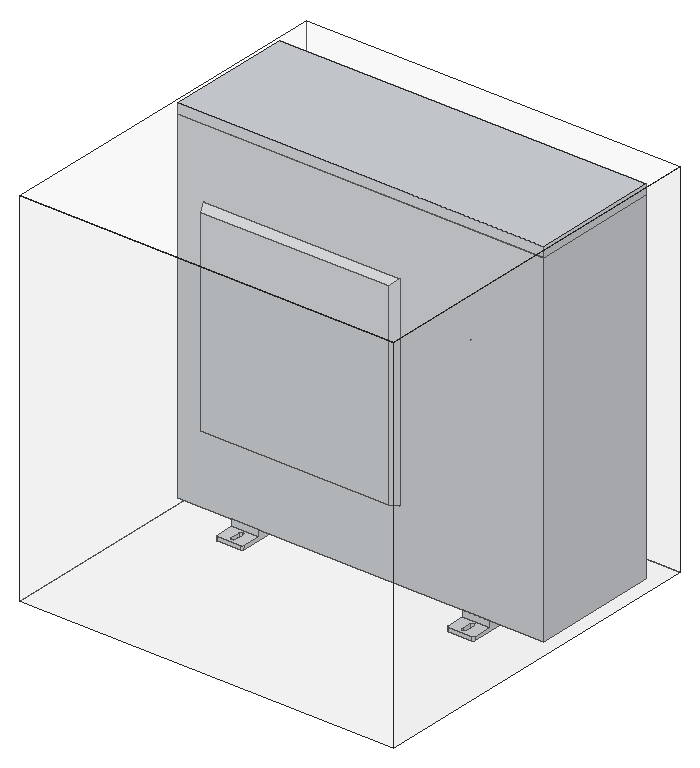
Revit family "puz-zrmp80hka15_280ka5_50hz", category 機械設備, Revit 2019
Family settings
  丸型コネクタ寸法 = 直径を使用
  パーツ タイプ = 標準
  OmniClass 番号 = 23.75.10.24.21.27.27
  OmniClass タイトル = Split System Air Conditioning Units
  作業面ベース = いいえ
  常に垂直 = はい
  ロード時にボイドで切り取り = いいえ
  共有 = いいえ
  部屋計算ポイント = いいえ
Parameters (values of type "室外機_PUZ-ZRMP80HA15")
  音響パワーレベル_冷房 (dB) = 66
  音響パワーレベル_暖房 (dB) = 68
  音響パワーレベル(dB) = if([音響パワーレベル_冷房 (dB)] > [音響パワーレベル_暖房 (dB)], [音響パワーレベル_冷房 (dB)], [音響パワーレベル_暖房 (dB)])  # 68
  電源種別 = ""
  電源位置Y = 2 mm
  電源位置Z = 669 mm
  電源位置X = 275 mm
  電圧 = 200 V
  電動機出力_送風機 = 0.06 kW
  電動機出力_圧縮機 = 1.6 kW
  集中コントローラ [instance] = ""
  運転質量 = 0.00 kg
  運転方法 = "冷暖切替"
  質量 = if(製品質量 > 運転質量, 製品質量, 運転質量) * 1.2  # 79.20 kg
  負荷分類 = 1_熱源類
  説明 = "空冷H/P PAC インバータ室外機"
  設計暖房能力 [instance] = 0 kW
  設計冷房能力_顕熱 [instance] = 0 kW
  設計冷房能力 [instance] = 0 kW
  設置方法 = "床置形"
  記号 [instance] = ""
  製造元 = "三菱電機株式会社"
  製品質量 = 66.00 kg
  製品出荷対象 = "国内"
  製品リリース年月 = ""
  製品グループ = ""
  系統 [instance] = ""
  符号 = "PAC"
  積算_科目 = "1 空気調和設備"
  積算_拾い区分 [instance] = ""
  相 = 3
  盤記号 [instance] = ""
  発停方法 = "付属スイッチ"
  特殊仕様 [instance] = ""
  消費電力_暖房 = 2.22 kW
  消費電力_冷房 = 1.93 kW
  消費電力 = if(消費電力_冷房 > 消費電力_暖房, 消費電力_冷房, 消費電力_暖房)  # 2.22 kW
  法定耐用年数 = "6"
  構成品番 = "PUZ-ZRMP80HA15"
  極数 = 3
  材質 [instance] = ""
  本体マテリアル = none
  最小電線太さ_mm2 = 3.5
  最大電流値 = 0 A
  暖房能力 = 8 kW
  推奨ブレーカー容量 = 20 A
  据付ピッチ1 = 0 mm
  形式 = "パッケージ形 室外機"
  形名 = PUZ-EZRMP-2 : PUZ-EZRMP-2-2
  幹線記号 [instance] = ""
  始動方式 = "インバータ始動方式"
  呼称 = "パッケージ形空気調和機_室外機"
  周波数 = 50 Hz
  価格 = 0
  ドレン　位置Z = 23 mm
  ドレン　位置Y = 111 mm
  ドレン　位置X = 30 mm
  アンカーボルト位置Y = 370 mm
  アンカーボルト位置X = 600 mm
  参照している仕様書等のバージョン = "公共建築物標準仕様書（機械設備工事編）平成31年度版"
  分類コード = "5.0053E+13"
  分類グループ = ""
  冷房能力 = 7.1 kW
  冷媒管（ガス）位置X = 434 mm
  冷媒管（液）位置X = 377 mm
  冷媒管（液）位置Y = 290 mm
  冷媒管（ガス）位置Y = 269 mm
  冷媒管長 [instance] = 0 mm
  冷媒管径符号 = "Bd"
  冷媒管径 = 100.00 mm
  冷媒管位置Z = 447 mm
  冷媒管位置Y = (冷媒管（液）位置Y + 冷媒管（ガス）位置Y) / 2  # 279.5 mm
  冷媒管位置X = (冷媒管（液）位置X + 冷媒管（ガス）位置X) / 2  # 405.5 mm
  冷媒液管径 = 9.52 mm
  冷媒ガス管径 = 15.88 mm
  企業コード = "108420"
  付属品 [instance] = ""
  仕様書バージョン = "Version1.0"
  ユニット数 = 1
  ユニット3 = yes
  ユニット2 = yes
  Model = ""
  ドレン管径 = 33.00 mm
  サービススペース = yes
  コメント [instance] = ""
  ケーブル種類1 = ""
  【値が 0 の項目は組合せ形名にてご確認ください】 = ""
  Width = 950 mm
  Version = ""
  Uniclass2015Version = "Systems v1.9"
  Uniclass2015Title = "Split coil remote air cooled condensing units"
  Uniclass2015Code = "Pr_70_65_03_84"
  URL = "https://www.mitsubishielectric.co.jp/ldg/wink/ssl/top.do"
  SpecificationReference = ""
  SpecificationDescription = ""
  Revision = ""
  ProductInformation = ""
  OmniClassCode = "23-33 17 13 11"
  IfcTypeProduct = ""
  IfcProduct = ""
  IfcExportType = "AIRCONDITIONINGUNIT"
  IfcExportAs = "IfcUnitaryEquipmentType"
  Height = 943 mm
  Depth = 330 mm
  Clearance Top = 0 mm
  Clearance Right = 10 mm
  Clearance Left = 10 mm
  Clearance Front = 500 mm
  Clearance Bottom = 0 mm
  Clearance Back = 100 mm
  COP_暖房 = 0
  COP_冷房 = 0
  COP = (COP_冷房 + COP_暖房) / 2  # 0
  Author = "三菱電機株式会社"
  APF = 0
Reference planes
  plane 1 "中心(正面/背面)": y = 74
  plane 2: z = 0
  plane 3 "中心(左/右)": x = 830
  plane 4 "右": x = 1305
  plane 5 "左": x = 355
  plane 6 "背面": y = 239
  plane 7 "正面": y = -91
  plane 8 "上部": z = 943
  plane 9 "Clearanse Top": z = 943
  plane 10 "SS_back": y = 339
  plane 11 "SS_front": y = -591
  plane 12 "SS_left": x = 345
  plane 13 "SS_right": x = 1315
  plane 14: z = 0
  plane 15: y = -89
  plane 16: x = 1105
  plane 17: z = 669
  plane 18: y = -87
  plane 19: y = -40.5
  plane 20: x = 1235.5
  plane 21: z = 447
  plane 22: z = 449
  plane 23: y = 128
  plane 24: x = 385
  plane 25: z = 25
  plane 26: z = 23
  plane 27: x = 530
  plane 28: x = 1130
  plane 29: y = 254
  plane 30: y = -116
Forms (mm)
  Extrusion 1, solid, detail levels fine
    sketch origin (0, -91, 0) x (1, 0, 0) y (0, 0, 1)
      loop
        circle (1105, 669) r 13.5
    from -4 to -2
  Extrusion 2, solid, detail levels fine
    sketch origin (-1437.329, -1524, 54) x (-1, 0, 0) y (0, -1, 0)
      loop
        circle (-2672.829, -1483.5) r 50
    from 393 to 395
  Extrusion 3, solid, detail levels fine
    sketch origin (-1437.329, -1524, 54) x (-1, 0, 0) y (0, -1, 0)
      loop
        circle (-1822.329, -1652) r 16.5
    from -31 to -29
Lines and regions (mm)
  model lines, not visible
    curve 1: line (460, 178.667, 1289.179) -> (460, 297.73, 1289.179)
    curve 2: line (460, 178.667, 1056.056) -> (460, 178.667, 1289.179)
    curve 3: line (460, 297.73, 1056.056) -> (460, 178.667, 1056.056)
    curve 4: line (460, 297.73, 1289.179) -> (460, 297.73, 1056.056)
    curve 5: line (460, 47.598, 1289.179) -> (460, 166.661, 1289.179)
    curve 6: line (460, 47.598, 1056.056) -> (460, 47.598, 1289.179)
    curve 7: line (460, 166.661, 1056.056) -> (460, 47.598, 1056.056)
    curve 8: line (460, 166.661, 1289.179) -> (460, 166.661, 1056.056)
    curve 9: line (460, -83.471, 1289.179) -> (460, 35.592, 1289.179)
    curve 10: line (460, -83.471, 1056.056) -> (460, -83.471, 1289.179)
    curve 11: line (460, 35.592, 1056.056) -> (460, -83.471, 1056.056)
    curve 12: line (460, 35.592, 1289.179) -> (460, 35.592, 1056.056)
    curve 13: line (460, -150.779, 1289.179) -> (460, -95.75, 1289.179)
    curve 14: line (460, -150.779, 1056.056) -> (460, -150.779, 1289.179)
    curve 15: line (460, -95.75, 1056.056) -> (460, -150.779, 1056.056)
    curve 16: line (460, -95.75, 1289.179) -> (460, -95.75, 1056.056)
    curve 17: line (460, -150.779, 1283.175) -> (460, -132.596, 1283.175)
    curve 18: line (460, -150.779, 1062.059) -> (460, -150.779, 1283.175)
    curve 19: line (460, -132.596, 1062.059) -> (460, -150.779, 1062.059)
    curve 20: line (460, -132.596, 1283.175) -> (460, -132.596, 1062.059)
    curve 21: line (460, 178.667, 1046.051) -> (460, 297.73, 1046.051)
    curve 22: line (460, 178.667, 812.928) -> (460, 178.667, 1046.051)
    curve 23: line (460, 297.73, 812.928) -> (460, 178.667, 812.928)
    curve 24: line (460, 297.73, 1046.051) -> (460, 297.73, 812.928)
    curve 25: line (460, 47.598, 1046.051) -> (460, 166.661, 1046.051)
    curve 26: line (460, 47.598, 812.928) -> (460, 47.598, 1046.051)
    curve 27: line (460, 166.661, 812.928) -> (460, 47.598, 812.928)
    curve 28: line (460, 166.661, 1046.051) -> (460, 166.661, 812.928)
    curve 29: line (460, -83.471, 1046.051) -> (460, 35.592, 1046.051)
    curve 30: line (460, -83.471, 812.928) -> (460, -83.471, 1046.051)
    curve 31: line (460, 35.592, 812.928) -> (460, -83.471, 812.928)
    curve 32: line (460, 35.592, 1046.051) -> (460, 35.592, 812.928)
    curve 33: line (460, -150.779, 1046.051) -> (460, -95.75, 1046.051)
    curve 34: line (460, -150.779, 812.928) -> (460, -150.779, 1046.051)
    curve 35: line (460, -95.75, 812.928) -> (460, -150.779, 812.928)
    curve 36: line (460, -95.75, 1046.051) -> (460, -95.75, 812.928)
    curve 37: line (460, -150.779, 1040.048) -> (460, -132.596, 1040.048)
    curve 38: line (460, -150.779, 818.931) -> (460, -150.779, 1040.048)
    curve 39: line (460, -132.596, 818.931) -> (460, -150.779, 818.931)
    curve 40: line (460, -132.596, 1040.048) -> (460, -132.596, 818.931)
    curve 41: line (460, 178.667, 802.923) -> (460, 297.73, 802.923)
    curve 42: line (460, 178.667, 569.8) -> (460, 178.667, 802.923)
    curve 43: line (460, 297.73, 569.8) -> (460, 178.667, 569.8)
    curve 44: line (460, 297.73, 802.923) -> (460, 297.73, 569.8)
    curve 45: line (460, 47.598, 802.923) -> (460, 166.661, 802.923)
    curve 46: line (460, 47.598, 569.8) -> (460, 47.598, 802.923)
    curve 47: line (460, 166.661, 569.8) -> (460, 47.598, 569.8)
    curve 48: line (460, 166.661, 802.923) -> (460, 166.661, 569.8)
    curve 49: line (460, -83.471, 802.923) -> (460, 35.592, 802.923)
    curve 50: line (460, -83.471, 569.8) -> (460, -83.471, 802.923)
    curve 51: line (460, 35.592, 569.8) -> (460, -83.471, 569.8)
    curve 52: line (460, 35.592, 802.923) -> (460, 35.592, 569.8)
    curve 53: line (460, -150.779, 802.923) -> (460, -95.75, 802.923)
    curve 54: line (460, -150.779, 569.8) -> (460, -150.779, 802.923)
    curve 55: line (460, -95.75, 569.8) -> (460, -150.779, 569.8)
    curve 56: line (460, -95.75, 802.923) -> (460, -95.75, 569.8)
    curve 57: line (460, -150.779, 796.92) -> (460, -132.596, 796.92)
    curve 58: line (460, -150.779, 575.803) -> (460, -150.779, 796.92)
    curve 59: line (460, -132.596, 575.803) -> (460, -150.779, 575.803)
    curve 60: line (460, -132.596, 796.92) -> (460, -132.596, 575.803)
    curve 61: line (460, 178.667, 559.795) -> (460, 297.73, 559.795)
    curve 62: line (460, 178.667, 326.672) -> (460, 178.667, 559.795)
    curve 63: line (460, 297.73, 326.672) -> (460, 178.667, 326.672)
    curve 64: line (460, 297.73, 559.795) -> (460, 297.73, 326.672)
    curve 65: line (460, 47.598, 559.795) -> (460, 166.661, 559.795)
    curve 66: line (460, 47.598, 326.672) -> (460, 47.598, 559.795)
    curve 67: line (460, 166.661, 326.672) -> (460, 47.598, 326.672)
    curve 68: line (460, 166.661, 559.795) -> (460, 166.661, 326.672)
    curve 69: line (460, -83.471, 559.795) -> (460, 35.592, 559.795)
    curve 70: line (460, -83.471, 326.672) -> (460, -83.471, 559.795)
    curve 71: line (460, 35.592, 326.672) -> (460, -83.471, 326.672)
    curve 72: line (460, 35.592, 559.795) -> (460, 35.592, 326.672)
    curve 73: line (460, -150.779, 559.795) -> (460, -95.75, 559.795)
    curve 74: line (460, -150.779, 326.672) -> (460, -150.779, 559.795)
    curve 75: line (460, -95.75, 326.672) -> (460, -150.779, 326.672)
    curve 76: line (460, -95.75, 559.795) -> (460, -95.75, 326.672)
    curve 77: line (460, -150.779, 553.792) -> (460, -132.596, 553.792)
    curve 78: line (460, -150.779, 332.675) -> (460, -150.779, 553.792)
    curve 79: line (460, -132.596, 332.675) -> (460, -150.779, 332.675)
    curve 80: line (460, -132.596, 553.792) -> (460, -132.596, 332.675)
    curve 81: line (460, 178.667, 316.667) -> (460, 297.73, 316.667)
    curve 82: line (460, 178.667, 83.544) -> (460, 178.667, 316.667)
    curve 83: line (460, 297.73, 83.544) -> (460, 178.667, 83.544)
    curve 84: line (460, 297.73, 316.667) -> (460, 297.73, 83.544)
    curve 85: line (460, 47.598, 316.667) -> (460, 166.661, 316.667)
    curve 86: line (460, 47.598, 83.544) -> (460, 47.598, 316.667)
    curve 87: line (460, 166.661, 83.544) -> (460, 47.598, 83.544)
    curve 88: line (460, 166.661, 316.667) -> (460, 166.661, 83.544)
    curve 89: line (460, -83.471, 316.667) -> (460, 35.592, 316.667)
    curve 90: line (460, -83.471, 83.544) -> (460, -83.471, 316.667)
    curve 91: line (460, 35.592, 83.544) -> (460, -83.471, 83.544)
    curve 92: line (460, 35.592, 316.667) -> (460, 35.592, 83.544)
    curve 93: line (460, -150.779, 316.667) -> (460, -95.75, 316.667)
    curve 94: line (460, -150.779, 83.544) -> (460, -150.779, 316.667)
    curve 95: line (460, -95.75, 83.544) -> (460, -150.779, 83.544)
    curve 96: line (460, -95.75, 316.667) -> (460, -95.75, 83.544)
    curve 97: line (460, -150.779, 310.664) -> (460, -132.596, 310.664)
    curve 98: line (460, -150.779, 89.547) -> (460, -150.779, 310.664)
    curve 99: line (460, -132.596, 89.547) -> (460, -150.779, 89.547)
    curve 100: line (460, -132.596, 310.664) -> (460, -132.596, 89.547)
Dimensions and locks
  equal spacing: plane 7 "正面", plane 1 "中心(正面/背面)", plane 6 "背面"
  "Depth": plane 7 "正面" to plane 6 "背面"
  "Width": plane 5 "左" to plane 4 "右"
  equal spacing: plane 5 "左", plane 3 "中心(左/右)", plane 4 "右"
  "Clearance Left": plane 12 "SS_left" to plane 5 "左"
  "Clearance Right": plane 4 "右" to plane 13 "SS_right"
  "Clearance Back": plane 6 "背面" to plane 10 "SS_back"
  "Clearance Front": plane 11 "SS_front" to plane 7 "正面"
  "Height": plane 8 "上部" to level
  "Clearance Top": plane 9 "Clearanse Top" to plane 8 "上部"
  "Clearance Bottom": level to plane 14
  "電源位置X": plane 3 "中心(左/右)" to plane 16
  "電源位置Y": plane 7 "正面" to plane 15
  "電源位置Z": plane 17 to level
  locked: plane 15 to plane 18 at 2
  "冷媒管位置X": plane 3 "中心(左/右)" to plane 20
  "冷媒管位置Y": plane 19 to plane 6 "背面"
  "冷媒管位置Z": plane 21 to level
  locked: plane 22 to plane 21 at 2
  "ドレン　位置X": plane 5 "左" to plane 24
  "ドレン　位置Y": plane 23 to plane 6 "背面"
  locked: plane 25 to plane 26 at 2
  "ドレン　位置Z": plane 26 to level
  "アンカーボルト位置Y": plane 30 to plane 29
  equal spacing: plane 27, plane 3 "中心(左/右)", plane 28
  "アンカーボルト位置X": plane 27 to plane 28
  plane 6 "背面" to plane 29 to nested 2 = 15 mm, 19 mm
  plane 30 to plane 7 "正面" = 25 mm
  radius of Extrusion 1 sketch curve = 13.5 mm
  "冷媒管径": diameter of Extrusion 2 sketch curve
  "ドレン管径": diameter of Extrusion 3 sketch curve
  aligned and locked: level to plane 2
  aligned and locked: plane 10 "SS_back" to nested 1  (x2)
  aligned and locked: plane 13 "SS_right" to nested 1
  aligned and locked: plane 12 "SS_left" to nested 1  (x2)
  aligned and locked: nested 1 to plane 13 "SS_right"
  aligned and locked: plane 11 "SS_front" to nested 1
  aligned and locked: plane 9 "Clearanse Top" to nested 1
  aligned and locked: plane 1 "中心(正面/背面)" to nested 2
  aligned and locked: plane 3 "中心(左/右)" to nested 2
  aligned and locked: plane 14 to nested 1
  aligned and locked: plane 17 to Extrusion 1 sketch curve
  aligned and locked: plane 16 to Extrusion 1 sketch curve
  aligned and locked: Extrusion 1 to plane 18
  aligned and locked: plane 15 to Extrusion 1
  aligned and locked: plane 19 to Extrusion 2 sketch curve
  aligned and locked: plane 20 to Extrusion 2 sketch curve
  aligned and locked: plane 22 to Extrusion 2
  aligned and locked: Extrusion 2 to plane 21
  aligned and locked: plane 24 to Extrusion 3 sketch curve
  aligned and locked: plane 23 to Extrusion 3 sketch curve
  aligned and locked: plane 25 to Extrusion 3
  aligned and locked: Extrusion 3 to plane 26
  aligned and locked: plane 27 to nested 3
  aligned and locked: plane 29 to nested 3
Nested families
  nested 1: "サービススペース" at (830, -126, 471.5), visible <- "サービススペース", type "サービススペース"
    with Width 970 mm, Height 943 mm, Depth 930 mm
  nested 2: "PUZ-EZRMP-2" at (830, 74, 0), type <- "形名", type "PUZ-EZRMP-2-2", detail levels fine
  nested 3: "固定点" at (530, -116, 0), type "固定点"
    with W 600 mm, D 370 mm
Connectors
  piping at (1235.5, -40.5, 447), diameter 100, driven by "冷媒管径", driven by "冷媒管径符号"
    settings: on Extrusion 2, index 1, connector inside diameter 609.60 mm, connector length 0 mm, flow factor 0, pipe flow 0.0 L/s, pressure drop 0.0 Pa, fitting loss kfactor 0, connector angle 0.00°, fixture units 0, engagement length 0 mm, angle of deflection 0.00°, flow configuration 1, flow direction 2, fitting loss method 4, system type 7, joint type 0, gender type 0, connector reference index -1, connector utility 0, adjustable connector no, is connector primary yes, connector description "Bd"
  electrical at (1105, -89, 669), driven by "極数", driven by "負荷分類", driven by "電圧", driven by "消費電力"
    settings: on Extrusion 1, index 2, voltage 200 V, apparent load 2220 VA, apparent load phase1 0 VA, apparent load phase2 0 VA, apparent load phase3 0 VA, power factor 1, load classification "1_熱源類", number of poles 3, system type 30, power factor state 1, is connector primary yes, connector utility no, sub classification motor no, connector description ""
Definition of nested family "サービススペース"
  Parameters (values of type "サービススペース")
    Width [instance] = 500 mm
    Height [instance] = 500 mm
    Depth [instance] = 500 mm
  Reference planes
    plane 1 "中心(正面/背面)": y = 0
    plane 2: z = 0
    plane 3 "中心(左/右)": x = 0
    plane 4: y = -250
    plane 5: x = 250
    plane 6: y = 250
    plane 7: x = -250
    plane 8: z = 250
    plane 9: z = -250
  Forms (mm)
    Extrusion 1, solid
      sketch origin (-638.939, 0, 72.39) x (1, 0, 0) y (0, 1, 0)
        loop
          line (388.939, 250) -> (388.939, -250) -> (888.939, -250) -> (888.939, 250) -> (388.939, 250)
      from -322.39 to 177.61
  Lines and regions (mm)
    symbolic lines
      curve 1: line (-250, 0, 250) -> (250, 0, 250)
      curve 2: line (-250, 0, -250) -> (-250, 0, 250)
      curve 3: line (250, 0, -250) -> (-250, 0, -250)
      curve 4: line (250, 0, 250) -> (250, 0, -250)
      curve 5: line (0, -250, 250) -> (0, 250, 250)
      curve 6: line (0, -250, -250) -> (0, -250, 250)
      curve 7: line (0, 250, -250) -> (0, -250, -250)
      curve 8: line (0, 250, 250) -> (0, 250, -250)
      curve 9: line (-250, 250, 0) -> (250, 250, 0)
      curve 10: line (-250, -250, 0) -> (-250, 250, 0)
      curve 11: line (250, -250, 0) -> (-250, -250, 0)
      curve 12: line (250, 250, 0) -> (250, -250, 0)
  Dimensions and locks
    equal spacing: plane 7, plane 3 "中心(左/右)", plane 5
    equal spacing: plane 4, plane 1 "中心(正面/背面)", plane 6
    "Depth": plane 4 to plane 6
    "Width": plane 7 to plane 5
    equal spacing: plane 8, plane 2, plane 9
    "Height": plane 8 to plane 9
    aligned and locked: plane 9 to curve 3
    aligned and locked: plane 7 to curve 2
    aligned and locked: curve 4 to plane 5
    aligned and locked: plane 5 to Extrusion 1
    aligned and locked: Extrusion 1 to plane 7
    aligned and locked: Extrusion 1 to plane 9
    aligned and locked: plane 8 to Extrusion 1
    aligned and locked: plane 9 to curve 7
  Automatic sketch dimensions
    plane 4 to Extrusion 1 sketch curve = 0 mm
    Extrusion 1 sketch curve to plane 7 = 0 mm
    Extrusion 1 sketch curve to plane 5 = 0 mm
    plane 6 to Extrusion 1 sketch curve = 0 mm
    curve 2 to plane 8 = 0 mm
    plane 4 to curve 11 = 0 mm
    curve 11 to plane 7 = 0 mm
    curve 11 to plane 5 = 0 mm
    plane 6 to curve 10 = 0 mm
    curve 7 to plane 4 = 0 mm
    curve 7 to plane 6 = 0 mm
    curve 6 to plane 8 = 0 mm
Definition of nested family "PUZ-EZRMP-2"
  Parameters (values of type "PUZ-EZRMP-2-2")
    配線取出口サイズ = 27 mm
    配線取出口-Z = 669 mm
    配線取出口-Y = 325 mm
    配線取出口-X = 275 mm
    液配管サイズ = 100 mm
    高さ = 943 mm
    換気-W = 322 mm
    換気-H2 = 632 mm
    換気-H1 = 473 mm
    換気-D = 25 mm
    奥行き = 330 mm
    吊りボルト_H = 0 mm
    吊りボルト-φ = 12 mm
    冷媒配管サイズ = 9.52 mm
    冷媒液管径-Z = 447 mm
    冷媒液管径-Y = 290 mm
    冷媒液管径-X = 377 mm
    冷媒ガス管径-Z = 431 mm
    冷媒ガス管径-Y = 269 mm
    冷媒ガス管径-X = 434 mm
    吊りボルト-W = 600 mm
    マテリアル = none
    ドレン配管サイズ = 33 mm
    ドレン管径-Z = 0 mm
    ドレン管径-Y = 219 mm
    ドレン管径-X = 445 mm
    タイプ3 = no
    タイプ2 = yes
    タイプ1 = no
    ガス配管サイズ = 15.88 mm
    吊りボルト-D = 370 mm
    幅さ = 950 mm
    a = 幅さ / 2  # 475 mm
  Reference planes
    plane 1 "中心(正面/背面)": y = 0
    plane 2: z = 0
    plane 3 "中心(左/右)": x = 0
    plane 4: z = 943
    plane 5: x = -475
    plane 6: x = 475
    plane 7: y = 165
    plane 8: y = -165
    plane 9: x = 537
    plane 10: y = -105
    plane 11: y = 5
    plane 12: z = 918
    plane 13: x = -495
    plane 14: x = -300
    plane 15: x = 300
    plane 16: y = 180
    plane 17: y = -190
    plane 18: x = 335
    plane 19: x = 265
    plane 20: x = -265
    plane 21: x = -335
    plane 22: y = 199
    plane 23: y = -218
    plane 24: z = 8.5
    plane 25: z = 25
    plane 26: z = 23
    plane 27: x = -185
    plane 28: x = 170
    plane 29: z = 938
    plane 30: y = -40
    plane 31: y = 40
    plane 32: y = -30
    plane 33: y = 30
    plane 34: z = 923
    plane 35: z = 55
    plane 36: z = 225
    plane 37: z = 570
    plane 38: x = 485
    plane 39: x = 506
    plane 40: y = -190
    plane 41: x = -153
    plane 42: z = 473
    plane 43: x = 101
    plane 44: x = -407
    plane 45: z = 737
    plane 46: z = 209
    plane 47: x = -397
    plane 48: x = 91
    plane 49: z = 727
    plane 50: z = 219
    plane 51: y = 115
    plane 52: y = -115
    plane 53: y = 54
    plane 54: x = 434
    plane 55: x = 275
    plane 56: y = -160
    plane 57: y = -125
    plane 58: y = -104
    plane 59: x = 377
    plane 60: z = 431
    plane 61: z = 447
    plane 62: z = 669
    plane 63: y = -110
    plane 64: z = 531
    plane 65: z = 547
    plane 66: x = 405.5
    plane 67: y = -114.5
    plane 68 "グループ": x = -475
    plane 69: z = 1338
    plane 70: z = 943
    plane 71: z = 1105
    plane 72: z = 1369
    plane 73: z = 841
    plane 74: z = 1359
    plane 75: z = 851
    plane 76: x = -445
    plane 77: y = 135
    plane 78: x = -225
    plane 79: x = -80
    plane 80: x = 65
    plane 81: x = 210
    plane 82: y = -210
  Forms (mm)
    Extrusion 1, solid, visible <- "タイプ2", detail levels fine
      sketch origin (-1437.329, -1524, 943) x (-1, 0, 0) y (0, -1, 0)
        loop
          line (-1102.329, -1689) -> (-1102.329, -1359) -> (-1172.329, -1359) -> (-1172.329, -1689) -> (-1102.329, -1689)
        loop
          line (-1702.329, -1689) -> (-1702.329, -1359) -> (-1772.329, -1359) -> (-1772.329, -1689) -> (-1702.329, -1689)
      from -943 to -918
    Extrusion 2, solid, material <- "マテリアル", visible <- "タイプ2", detail levels fine
      sketch origin (-1437.329, -1524, 943) x (-1, 0, 0) y (0, -1, 0)
        loop
          line (-1912.329, -1689) -> (-962.329, -1689) -> (-962.329, -1359) -> (-1912.329, -1359) -> (-1912.329, -1689)
      from -918 to -25
    Extrusion 3, solid, material <- "マテリアル", visible <- "タイプ2", detail levels fine
      sketch origin (-1437.329, -1524, 943) x (-1, 0, 0) y (0, -1, 0)
        loop
          line (-962.329, -1689) -> (-962.329, -1359) -> (-1912.329, -1359) -> (-1912.329, -1689) -> (-962.329, -1689)
      from -25 to 0
    Blend 4, solid, material <- "マテリアル", visible <- "タイプ2", detail levels fine
      base sketch origin (0, 0, 0) x (1, 0, 0) y (0, 0, 1)
        loop
          line (-407, 737) -> (-407, 209) -> (101, 209) -> (101, 737) -> (-407, 737)
      top sketch origin (0, 0, 0) x (1, 0, 0) y (0, 0, 1)
        loop
          line (-397, 727) -> (-397, 219) -> (91, 219) -> (91, 727) -> (-397, 727)
      from 165 to 190
    Extrusion 5, solid, material <- "マテリアル", visible <- "タイプ2", detail levels fine
      sketch origin (-1437.329, -1524, 943) x (-1, 0, 0) y (0, -1, 0)
        loop
          circle (-1871.329, -1420) r 7.94
      from -512 to -412
    Extrusion 6, solid, material <- "マテリアル", visible <- "タイプ2", detail levels fine
      sketch origin (-1437.329, -1524, 943) x (-1, 0, 0) y (0, -1, 0)
        loop
          circle (-1814.329, -1399) r 4.76
      from -496 to -396
    Extrusion 7, solid, material <- "マテリアル", visible <- "タイプ2", detail levels fine
      sketch origin (1480.036, -190, 1200) x (1, 0, 0) y (0, 0, 1)
        loop
          circle (-1205.036, -531) r 13.5
      from -80 to -30
    Extrusion 8, solid, material <- "マテリアル", visible <- "タイプ2", detail levels fine
      sketch origin (-1437.329, -1524, 943) x (-1, 0, 0) y (0, -1, 0)
        loop
          circle (-1842.829, -1409.5) r 50
      from -496 to -396
    Extrusion 9, solid, visible <- "タイプ2", detail levels fine
      sketch origin (-1437.329, -1524, 943) x (-1, 0, 0) y (0, -1, 0)
        loop
          line (-1102.329, -1723) -> (-1102.329, -1689) -> (-1172.329, -1689) -> (-1172.329, -1723) -> (-1143.329, -1723) -> (-1143.329, -1704)
          arc (-1143.329, -1704) -> (-1137.329, -1698) -> (-1131.329, -1704) r 6
          line (-1131.329, -1704) -> (-1131.329, -1723) -> (-1102.329, -1723)
        loop
          line (-1102.329, -1359) -> (-1102.329, -1311)
          arc (-1102.329, -1311) -> (-1103.794, -1307.464) -> (-1107.329, -1306) r 5
          line (-1107.329, -1306) -> (-1167.329, -1306)
          arc (-1167.329, -1306) -> (-1170.865, -1307.464) -> (-1172.329, -1311) r 5
          line (-1172.329, -1311) -> (-1172.329, -1359) -> (-1102.329, -1359)
        loop
          line (-1772.329, -1723) -> (-1743.329, -1723) -> (-1743.329, -1704)
          arc (-1743.329, -1704) -> (-1737.329, -1698) -> (-1731.329, -1704) r 6
          line (-1731.329, -1704) -> (-1731.329, -1723) -> (-1702.329, -1723) -> (-1702.329, -1689) -> (-1772.329, -1689) -> (-1772.329, -1723)
        loop
          line (-1772.329, -1359) -> (-1702.329, -1359) -> (-1702.329, -1311)
          arc (-1702.329, -1311) -> (-1703.794, -1307.464) -> (-1707.329, -1306) r 5
          line (-1707.329, -1306) -> (-1767.329, -1306)
          arc (-1767.329, -1306) -> (-1770.865, -1307.464) -> (-1772.329, -1311) r 5
          line (-1772.329, -1311) -> (-1772.329, -1359)
        loop
          line (-1743.329, -1320) -> (-1743.329, -1344)
          arc (-1743.329, -1344) -> (-1737.329, -1350) -> (-1731.329, -1344) r 6
          line (-1731.329, -1344) -> (-1731.329, -1320)
          arc (-1731.329, -1320) -> (-1737.329, -1314) -> (-1743.329, -1320) r 6
        loop
          line (-1143.329, -1320) -> (-1143.329, -1344)
          arc (-1143.329, -1344) -> (-1137.329, -1350) -> (-1131.329, -1344) r 6
          line (-1131.329, -1344) -> (-1131.329, -1320)
          arc (-1131.329, -1320) -> (-1137.329, -1314) -> (-1143.329, -1320) r 6
      from -943 to -934.5
    Extrusion 10, solid, material <- "マテリアル", visible <- "タイプ2", detail levels fine
      sketch origin (-1437.329, -1524, 943) x (-1, 0, 0) y (0, -1, 0)
        loop
          circle (-992.329, -1578) r 16.5
        loop
          circle (-1212.329, -1659) r 16.5
        loop
          circle (-1357.329, -1659) r 16.5
        loop
          circle (-1502.329, -1659) r 16.5
        loop
          circle (-1647.329, -1659) r 16.5
      from -920 to -918
  Cuts and joins
    joined: Extrusion 1, Extrusion 9
  Lines and regions (mm)
    Masking region 1, visible <- "タイプ2", detail levels coarse+medium
      outline origin (-1437.329, -1524, 943) x (-1, 0, 0) y (0, -1, 0)
        loop
          line (-1912.329, -1689) -> (-1772.329, -1689) -> (-1772.329, -1723) -> (-1702.329, -1723) -> (-1702.329, -1689) -> (-1172.329, -1689) -> (-1172.329, -1723) -> (-1102.329, -1723) -> (-1102.329, -1689) -> (-962.329, -1689) -> (-962.329, -1359) -> (-1030.329, -1359) -> (-1040.329, -1334) -> (-1102.329, -1334) -> (-1102.329, -1306) -> (-1172.329, -1306) -> (-1172.329, -1334) -> (-1528.329, -1334) -> (-1538.329, -1359) -> (-1702.329, -1359) -> (-1702.329, -1306) -> (-1772.329, -1306) -> (-1772.329, -1359) -> (-1912.329, -1359) -> (-1912.329, -1689)
    model lines, visible <- "タイプ2", detail levels fine
      curve 1: line (395, 115, 943) -> (-395, 115, 943)
      curve 2: line (-395, -115, 943) -> (395, -115, 943)
      curve 3: line (-395, -45, 943) -> (395, -45, 943)
      curve 4: line (395, 45, 943) -> (-395, 45, 943)
      curve 5: line (-395, -35, 943) -> (395, -35, 943)
      curve 6: line (395, 35, 943) -> (-395, 35, 943)
      curve 7: line (-395, 115, 943) -> (-395, 45, 943)
      curve 8: line (395, -115, 943) -> (395, -45, 943)
      curve 9: line (-395, 35, 943) -> (-395, -35, 943)
      curve 10: line (-395, -45, 943) -> (-395, -115, 943)
      curve 11: line (395, -35, 943) -> (395, 35, 943)
      curve 12: line (395, 45, 943) -> (395, 115, 943)
      curve 13: line (425, -115, 943) -> (425, 115, 943)
      curve 14: line (410, -115, 943) -> (410, 115, 943)
      curve 15: line (-425, 115, 943) -> (-425, -115, 943)
      curve 16: line (-410, 115, 943) -> (-410, -115, 943)
      curve 17: line (-410, 115, 943) -> (-425, 115, 943)
      curve 18: line (-410, -115, 943) -> (-425, -115, 943)
      curve 19: line (410, 115, 943) -> (425, 115, 943)
      curve 20: line (410, -115, 943) -> (425, -115, 943)
      curve 21: line (-397, -190, 520.5) -> (91, -190, 520.5)
      curve 22: line (91, -190, 425.5) -> (-397, -190, 425.5)
      curve 23: line (-397, -190, 615.5) -> (91, -190, 615.5)
      curve 24: line (-397, -190, 710.5) -> (91, -190, 710.5)
      curve 25: line (91, -190, 330.5) -> (-397, -190, 330.5)
      curve 26: line (91, -190, 235.5) -> (-397, -190, 235.5)
      curve 27: line (-379.571, -190, 727) -> (-379.571, -190, 219)
      curve 28: line (73.571, -190, 219) -> (73.571, -190, 727)
      curve 29: line (-362.143, -190, 727) -> (-362.143, -190, 219)
      curve 30: line (-344.714, -190, 727) -> (-344.714, -190, 219)
      curve 31: line (-327.286, -190, 727) -> (-327.286, -190, 219)
      curve 32: line (-309.857, -190, 727) -> (-309.857, -190, 219)
      curve 33: line (-292.429, -190, 727) -> (-292.429, -190, 219)
      curve 34: line (-275, -190, 727) -> (-275, -190, 219)
      curve 35: line (-257.571, -190, 727) -> (-257.571, -190, 219)
      curve 36: line (-240.143, -190, 727) -> (-240.143, -190, 219)
      curve 37: line (-222.714, -190, 727) -> (-222.714, -190, 219)
      curve 38: line (-205.286, -190, 727) -> (-205.286, -190, 219)
      curve 39: line (-187.857, -190, 727) -> (-187.857, -190, 219)
      curve 40: line (-170.429, -190, 727) -> (-170.429, -190, 219)
      curve 41: line (-153, -190, 727) -> (-153, -190, 219)
      curve 42: line (-135.571, -190, 727) -> (-135.571, -190, 219)
      curve 43: line (-118.143, -190, 727) -> (-118.143, -190, 219)
      curve 44: line (-100.714, -190, 727) -> (-100.714, -190, 219)
      curve 45: line (-83.286, -190, 727) -> (-83.286, -190, 219)
      curve 46: line (-65.857, -190, 727) -> (-65.857, -190, 219)
      curve 47: line (-48.429, -190, 727) -> (-48.429, -190, 219)
      curve 48: line (-31, -190, 727) -> (-31, -190, 219)
      curve 49: line (-13.571, -190, 727) -> (-13.571, -190, 219)
      curve 50: line (3.857, -190, 727) -> (3.857, -190, 219)
      curve 51: line (21.286, -190, 727) -> (21.286, -190, 219)
      curve 52: line (38.714, -190, 727) -> (38.714, -190, 219)
      curve 53: line (56.143, -190, 727) -> (56.143, -190, 219)
      curve 54: line (-475, -100, 33.5) -> (-475, -60, 33.5)
      curve 55: line (-475, -100, 73.5) -> (-475, -100, 33.5)
      curve 56: line (-475, -60, 73.5) -> (-475, -100, 73.5)
      curve 57: line (-475, -60, 33.5) -> (-475, -60, 73.5)
      curve 58: line (-475, 60, 33.5) -> (-475, 100, 33.5)
      curve 59: line (-475, 60, 73.5) -> (-475, 60, 33.5)
      curve 60: line (-475, 100, 73.5) -> (-475, 60, 73.5)
      curve 61: line (-475, 100, 33.5) -> (-475, 100, 73.5)
      curve 62: line (-475, -46.667, 33.5) -> (-475, -6.667, 33.5)
      curve 63: line (-475, -46.667, 73.5) -> (-475, -46.667, 33.5)
      curve 64: line (-475, -6.667, 73.5) -> (-475, -46.667, 73.5)
      curve 65: line (-475, -6.667, 33.5) -> (-475, -6.667, 73.5)
      curve 66: line (-475, 6.667, 33.5) -> (-475, 46.667, 33.5)
      curve 67: line (-475, 6.667, 73.5) -> (-475, 6.667, 33.5)
      curve 68: line (-475, 46.667, 73.5) -> (-475, 6.667, 73.5)
      curve 69: line (-475, 46.667, 33.5) -> (-475, 46.667, 73.5)
      curve 70: line (-475, -100, 87) -> (-475, -60, 87)
      curve 71: line (-475, -100, 277) -> (-475, -100, 87)
      curve 72: line (-475, -60, 277) -> (-475, -100, 277)
      curve 73: line (-475, -60, 87) -> (-475, -60, 277)
      curve 74: line (-475, -100, 292) -> (-475, -60, 292)
      curve 75: line (-475, -100, 482) -> (-475, -100, 292)
      curve 76: line (-475, -60, 482) -> (-475, -100, 482)
      curve 77: line (-475, -60, 292) -> (-475, -60, 482)
      curve 78: line (-475, -100, 497) -> (-475, -60, 497)
      curve 79: line (-475, -100, 687) -> (-475, -100, 497)
      curve 80: line (-475, -60, 687) -> (-475, -100, 687)
      curve 81: line (-475, -60, 497) -> (-475, -60, 687)
      curve 82: line (-475, -100, 702) -> (-475, -60, 702)
      curve 83: line (-475, -100, 892) -> (-475, -100, 702)
      curve 84: line (-475, -60, 892) -> (-475, -100, 892)
      curve 85: line (-475, -60, 702) -> (-475, -60, 892)
      curve 86: line (-475, 60, 87) -> (-475, 100, 87)
      curve 87: line (-475, 60, 277) -> (-475, 60, 87)
      curve 88: line (-475, 100, 277) -> (-475, 60, 277)
      curve 89: line (-475, 100, 87) -> (-475, 100, 277)
      curve 90: line (-475, -46.667, 87) -> (-475, -6.667, 87)
      curve 91: line (-475, -46.667, 277) -> (-475, -46.667, 87)
      curve 92: line (-475, -6.667, 277) -> (-475, -46.667, 277)
      curve 93: line (-475, -6.667, 87) -> (-475, -6.667, 277)
      curve 94: line (-475, 6.667, 87) -> (-475, 46.667, 87)
      curve 95: line (-475, 6.667, 277) -> (-475, 6.667, 87)
      curve 96: line (-475, 46.667, 277) -> (-475, 6.667, 277)
      curve 97: line (-475, 46.667, 87) -> (-475, 46.667, 277)
      curve 98: line (-475, 60, 292) -> (-475, 100, 292)
      curve 99: line (-475, 60, 482) -> (-475, 60, 292)
      curve 100: line (-475, 100, 482) -> (-475, 60, 482)
      curve 101: line (-475, 100, 292) -> (-475, 100, 482)
      curve 102: line (-475, 60, 702) -> (-475, 100, 702)
      curve 103: line (-475, 60, 892) -> (-475, 60, 702)
      curve 104: line (-475, 100, 892) -> (-475, 60, 892)
      curve 105: line (-475, 100, 702) -> (-475, 100, 892)
      curve 106: line (-475, -46.667, 292) -> (-475, -6.667, 292)
      curve 107: line (-475, -46.667, 482) -> (-475, -46.667, 292)
      curve 108: line (-475, -6.667, 482) -> (-475, -46.667, 482)
      curve 109: line (-475, -6.667, 292) -> (-475, -6.667, 482)
      curve 110: line (-475, -46.667, 497) -> (-475, -6.667, 497)
      curve 111: line (-475, -46.667, 687) -> (-475, -46.667, 497)
      curve 112: line (-475, -6.667, 687) -> (-475, -46.667, 687)
      curve 113: line (-475, -6.667, 497) -> (-475, -6.667, 687)
      curve 114: line (-475, -46.667, 702) -> (-475, -6.667, 702)
      curve 115: line (-475, -46.667, 892) -> (-475, -46.667, 702)
      curve 116: line (-475, -6.667, 892) -> (-475, -46.667, 892)
      curve 117: line (-475, -6.667, 702) -> (-475, -6.667, 892)
      curve 118: line (-475, 6.667, 292) -> (-475, 46.667, 292)
      curve 119: line (-475, 6.667, 482) -> (-475, 6.667, 292)
      curve 120: line (-475, 46.667, 482) -> (-475, 6.667, 482)
      curve 121: line (-475, 46.667, 292) -> (-475, 46.667, 482)
      curve 122: line (-475, 6.667, 497) -> (-475, 46.667, 497)
      curve 123: line (-475, 6.667, 687) -> (-475, 6.667, 497)
      curve 124: line (-475, 46.667, 687) -> (-475, 6.667, 687)
      curve 125: line (-475, 46.667, 497) -> (-475, 46.667, 687)
      curve 126: line (-475, 6.667, 702) -> (-475, 46.667, 702)
      curve 127: line (-475, 6.667, 892) -> (-475, 6.667, 702)
      curve 128: line (-475, 46.667, 892) -> (-475, 6.667, 892)
      curve 129: line (-475, 46.667, 702) -> (-475, 46.667, 892)
    model lines, visible <- "タイプ3", not visible
      curve 130: line (-404.5, -100, 907) -> (-404.5, -60, 907)
      curve 131: line (-404.5, -100, 1097) -> (-404.5, -100, 907)
      curve 132: line (-404.5, -60, 1097) -> (-404.5, -100, 1097)
      curve 133: line (-404.5, -60, 907) -> (-404.5, -60, 1097)
      curve 134: line (-404.5, 60, 907) -> (-404.5, 100, 907)
      curve 135: line (-404.5, 60, 1097) -> (-404.5, 60, 907)
      curve 136: line (-404.5, 100, 1097) -> (-404.5, 60, 1097)
      curve 137: line (-404.5, 100, 907) -> (-404.5, 100, 1097)
      curve 138: line (-404.5, -46.667, 907) -> (-404.5, -6.667, 907)
      curve 139: line (-404.5, -46.667, 1097) -> (-404.5, -46.667, 907)
      curve 140: line (-404.5, -6.667, 1097) -> (-404.5, -46.667, 1097)
      curve 141: line (-404.5, -6.667, 907) -> (-404.5, -6.667, 1097)
      curve 142: line (-404.5, 6.667, 907) -> (-404.5, 46.667, 907)
      curve 143: line (-404.5, 6.667, 1097) -> (-404.5, 6.667, 907)
      curve 144: line (-404.5, 46.667, 1097) -> (-404.5, 6.667, 1097)
      curve 145: line (-404.5, 46.667, 907) -> (-404.5, 46.667, 1097)
      curve 146: line (-404.5, -100, 1112) -> (-404.5, -60, 1112)
      curve 147: line (-404.5, -100, 1302) -> (-404.5, -100, 1112)
      curve 148: line (-404.5, -60, 1302) -> (-404.5, -100, 1302)
      curve 149: line (-404.5, -60, 1112) -> (-404.5, -60, 1302)
      curve 150: line (-404.5, 60, 1112) -> (-404.5, 100, 1112)
      curve 151: line (-404.5, 60, 1302) -> (-404.5, 60, 1112)
      curve 152: line (-404.5, 100, 1302) -> (-404.5, 60, 1302)
      curve 153: line (-404.5, 100, 1112) -> (-404.5, 100, 1302)
      curve 154: line (-404.5, -46.667, 1112) -> (-404.5, -6.667, 1112)
      curve 155: line (-404.5, -46.667, 1302) -> (-404.5, -46.667, 1112)
      curve 156: line (-404.5, -6.667, 1302) -> (-404.5, -46.667, 1302)
      curve 157: line (-404.5, -6.667, 1112) -> (-404.5, -6.667, 1302)
      curve 158: line (-404.5, 6.667, 1112) -> (-404.5, 46.667, 1112)
      curve 159: line (-404.5, 6.667, 1302) -> (-404.5, 6.667, 1112)
      curve 160: line (-404.5, 46.667, 1302) -> (-404.5, 6.667, 1302)
      curve 161: line (-404.5, 46.667, 1112) -> (-404.5, 46.667, 1302)
    model lines, visible <- "タイプ2", not visible
      curve 162: line (-600, -100, 33.5) -> (-600, -60, 33.5)
      curve 163: line (-600, -100, 73.5) -> (-600, -100, 33.5)
      curve 164: line (-600, -60, 73.5) -> (-600, -100, 73.5)
      curve 165: line (-600, -60, 33.5) -> (-600, -60, 73.5)
      curve 166: line (-600, 60, 33.5) -> (-600, 100, 33.5)
      curve 167: line (-600, 60, 73.5) -> (-600, 60, 33.5)
      curve 168: line (-600, 100, 73.5) -> (-600, 60, 73.5)
      curve 169: line (-600, 100, 33.5) -> (-600, 100, 73.5)
      curve 170: line (-509, -46.667, 33.5) -> (-509, -6.667, 33.5)
      curve 171: line (-509, -46.667, 73.5) -> (-509, -46.667, 33.5)
      curve 172: line (-509, -6.667, 73.5) -> (-509, -46.667, 73.5)
      curve 173: line (-509, -6.667, 33.5) -> (-509, -6.667, 73.5)
      curve 174: line (-509, 6.667, 33.5) -> (-509, 46.667, 33.5)
      curve 175: line (-509, 6.667, 73.5) -> (-509, 6.667, 33.5)
      curve 176: line (-509, 46.667, 73.5) -> (-509, 6.667, 73.5)
      curve 177: line (-509, 46.667, 33.5) -> (-509, 46.667, 73.5)
    model lines, visible <- "タイプ2", not visible, detail levels fine
      curve 178: line (-475, -100, 87) -> (-475, -60, 87)
      curve 179: line (-475, -100, 277) -> (-475, -100, 87)
      curve 180: line (-475, -60, 277) -> (-475, -100, 277)
      curve 181: line (-475, -60, 87) -> (-475, -60, 277)
      curve 182: line (-475, -100, 292) -> (-475, -60, 292)
      curve 183: line (-475, -100, 482) -> (-475, -100, 292)
      curve 184: line (-475, -60, 482) -> (-475, -100, 482)
      curve 185: line (-475, -60, 292) -> (-475, -60, 482)
      curve 186: line (-475, -100, 497) -> (-475, -60, 497)
      curve 187: line (-475, -100, 687) -> (-475, -100, 497)
      curve 188: line (-475, -60, 687) -> (-475, -100, 687)
      curve 189: line (-475, -60, 497) -> (-475, -60, 687)
      curve 190: line (-475, -100, 702) -> (-475, -60, 702)
      curve 191: line (-475, -100, 892) -> (-475, -100, 702)
      curve 192: line (-475, -60, 892) -> (-475, -100, 892)
      curve 193: line (-475, -60, 702) -> (-475, -60, 892)
      curve 194: line (-475, 60, 87) -> (-475, 100, 87)
      curve 195: line (-475, 60, 277) -> (-475, 60, 87)
      curve 196: line (-475, 100, 277) -> (-475, 60, 277)
      curve 197: line (-475, 100, 87) -> (-475, 100, 277)
      curve 198: line (-475, -46.667, 87) -> (-475, -6.667, 87)
      curve 199: line (-475, -46.667, 277) -> (-475, -46.667, 87)
      curve 200: line (-475, -6.667, 277) -> (-475, -46.667, 277)
      curve 201: line (-475, -6.667, 87) -> (-475, -6.667, 277)
      curve 202: line (-475, 6.667, 87) -> (-475, 46.667, 87)
      curve 203: line (-475, 6.667, 277) -> (-475, 6.667, 87)
      curve 204: line (-475, 46.667, 277) -> (-475, 6.667, 277)
      curve 205: line (-475, 46.667, 87) -> (-475, 46.667, 277)
      curve 206: line (-475, 60, 292) -> (-475, 100, 292)
      curve 207: line (-475, 60, 482) -> (-475, 60, 292)
      curve 208: line (-475, 100, 482) -> (-475, 60, 482)
      curve 209: line (-475, 100, 292) -> (-475, 100, 482)
      curve 210: line (-475, 60, 702) -> (-475, 100, 702)
      curve 211: line (-475, 60, 892) -> (-475, 60, 702)
      curve 212: line (-475, 100, 892) -> (-475, 60, 892)
      curve 213: line (-475, 100, 702) -> (-475, 100, 892)
      curve 214: line (-475, -46.667, 292) -> (-475, -6.667, 292)
      curve 215: line (-475, -46.667, 482) -> (-475, -46.667, 292)
      curve 216: line (-475, -6.667, 482) -> (-475, -46.667, 482)
      curve 217: line (-475, -6.667, 292) -> (-475, -6.667, 482)
      curve 218: line (-475, -46.667, 497) -> (-475, -6.667, 497)
      curve 219: line (-475, -46.667, 687) -> (-475, -46.667, 497)
      curve 220: line (-475, -6.667, 687) -> (-475, -46.667, 687)
      curve 221: line (-475, -6.667, 497) -> (-475, -6.667, 687)
      curve 222: line (-475, -46.667, 702) -> (-475, -6.667, 702)
      curve 223: line (-475, -46.667, 892) -> (-475, -46.667, 702)
      curve 224: line (-475, -6.667, 892) -> (-475, -46.667, 892)
      curve 225: line (-475, -6.667, 702) -> (-475, -6.667, 892)
      curve 226: line (-475, 6.667, 292) -> (-475, 46.667, 292)
      curve 227: line (-475, 6.667, 482) -> (-475, 6.667, 292)
      curve 228: line (-475, 46.667, 482) -> (-475, 6.667, 482)
      curve 229: line (-475, 46.667, 292) -> (-475, 46.667, 482)
      curve 230: line (-475, 6.667, 497) -> (-475, 46.667, 497)
      curve 231: line (-475, 6.667, 687) -> (-475, 6.667, 497)
      curve 232: line (-475, 46.667, 687) -> (-475, 6.667, 687)
      curve 233: line (-475, 46.667, 497) -> (-475, 46.667, 687)
      curve 234: line (-475, 6.667, 702) -> (-475, 46.667, 702)
      curve 235: line (-475, 6.667, 892) -> (-475, 6.667, 702)
      curve 236: line (-475, 46.667, 892) -> (-475, 6.667, 892)
      curve 237: line (-475, 46.667, 702) -> (-475, 46.667, 892)
      curve 271: line (-475, -100, 33.5) -> (-475, -60, 33.5)
      curve 272: line (-475, -100, 73.5) -> (-475, -100, 33.5)
      curve 273: line (-475, -60, 73.5) -> (-475, -100, 73.5)
      curve 274: line (-475, -60, 33.5) -> (-475, -60, 73.5)
      curve 275: line (-475, 60, 33.5) -> (-475, 100, 33.5)
      curve 276: line (-475, 60, 73.5) -> (-475, 60, 33.5)
      curve 277: line (-475, 100, 73.5) -> (-475, 60, 73.5)
      curve 278: line (-475, 100, 33.5) -> (-475, 100, 73.5)
      curve 279: line (-475, -46.667, 33.5) -> (-475, -6.667, 33.5)
      curve 280: line (-475, -46.667, 73.5) -> (-475, -46.667, 33.5)
      curve 281: line (-475, -6.667, 73.5) -> (-475, -46.667, 73.5)
      curve 282: line (-475, -6.667, 33.5) -> (-475, -6.667, 73.5)
      curve 283: line (-475, 6.667, 33.5) -> (-475, 46.667, 33.5)
      curve 284: line (-475, 6.667, 73.5) -> (-475, 6.667, 33.5)
      curve 285: line (-475, 46.667, 73.5) -> (-475, 6.667, 73.5)
      curve 286: line (-475, 46.667, 33.5) -> (-475, 46.667, 73.5)
    model lines, not visible
      curve 238: line (-338.5, -173.2, 372.5) -> (149.5, -173.2, 372.5)
      curve 239: line (149.5, -173.2, 277.5) -> (-338.5, -173.2, 277.5)
      curve 240: line (-338.5, -173.2, 467.5) -> (149.5, -173.2, 467.5)
      curve 241: line (-338.5, -173.2, 562.5) -> (149.5, -173.2, 562.5)
      curve 242: line (149.5, -173.2, 182.5) -> (-338.5, -173.2, 182.5)
      curve 243: line (149.5, -173.2, 87.5) -> (-338.5, -173.2, 87.5)
      curve 244: line (-321.071, -173.2, 579) -> (-321.071, -173.2, 71)
      curve 245: line (132.071, -173.2, 71) -> (132.071, -173.2, 579)
      curve 246: line (-303.643, -173.2, 579) -> (-303.643, -173.2, 71)
      curve 247: line (-286.214, -173.2, 579) -> (-286.214, -173.2, 71)
      curve 248: line (-268.786, -173.2, 579) -> (-268.786, -173.2, 71)
      curve 249: line (-251.357, -173.2, 579) -> (-251.357, -173.2, 71)
      curve 250: line (-233.929, -173.2, 579) -> (-233.929, -173.2, 71)
      curve 251: line (-216.5, -173.2, 579) -> (-216.5, -173.2, 71)
      curve 252: line (-199.071, -173.2, 579) -> (-199.071, -173.2, 71)
      curve 253: line (-181.643, -173.2, 579) -> (-181.643, -173.2, 71)
      curve 254: line (-164.214, -173.2, 579) -> (-164.214, -173.2, 71)
      curve 255: line (-146.786, -173.2, 579) -> (-146.786, -173.2, 71)
      curve 256: line (-129.357, -173.2, 579) -> (-129.357, -173.2, 71)
      curve 257: line (-111.929, -173.2, 579) -> (-111.929, -173.2, 71)
      curve 258: line (-94.5, -173.2, 579) -> (-94.5, -173.2, 71)
      curve 259: line (-77.071, -173.2, 579) -> (-77.071, -173.2, 71)
      curve 260: line (-59.643, -173.2, 579) -> (-59.643, -173.2, 71)
      curve 261: line (-42.214, -173.2, 579) -> (-42.214, -173.2, 71)
      curve 262: line (-24.786, -173.2, 579) -> (-24.786, -173.2, 71)
      curve 263: line (-7.357, -173.2, 579) -> (-7.357, -173.2, 71)
      curve 264: line (10.071, -173.2, 579) -> (10.071, -173.2, 71)
      curve 265: line (27.5, -173.2, 579) -> (27.5, -173.2, 71)
      curve 266: line (44.929, -173.2, 579) -> (44.929, -173.2, 71)
      curve 267: line (62.357, -173.2, 579) -> (62.357, -173.2, 71)
      curve 268: line (79.786, -173.2, 579) -> (79.786, -173.2, 71)
      curve 269: line (97.214, -173.2, 579) -> (97.214, -173.2, 71)
      curve 270: line (114.643, -173.2, 579) -> (114.643, -173.2, 71)
    symbolic lines, visible <- "タイプ2"
      curve 287: line (-351.899, 165, 943) -> (-475, 165, 943)
      curve 288: line (-475, 165, 943) -> (-475, -165, 943)
      curve 289: line (-475, -165, 943) -> (-374.191, -165, 943)
      curve 290: line (-407, -165, 943) -> (-397, -190, 943)
      curve 291: line (-397, -190, 943) -> (-346.98, -190, 943)
      curve 292: line (-335, -190, 943) -> (-335, -218, 943)
      curve 293: line (-335, -218, 943) -> (-265, -218, 943)
      curve 294: line (-265, -218, 943) -> (-265, -190, 943)
      curve 295: line (-346.98, -190, 943) -> (91, -190, 943)
      curve 296: line (91, -190, 943) -> (101, -165, 943)
      curve 297: line (-374.191, -165, 943) -> (302.486, -165, 943)
      curve 298: line (265, -165, 943) -> (265, -218, 943)
      curve 299: line (265, -218, 943) -> (335, -218, 943)
      curve 300: line (335, -218, 943) -> (335, -165, 943)
      curve 301: line (302.486, -165, 943) -> (475, -165, 943)
      curve 302: line (475, -165, 943) -> (475, 165, 943)
      curve 303: line (475, 165, 943) -> (359.548, 165, 943)
      curve 304: line (335, 165, 943) -> (335, 199, 943)
      curve 305: line (335, 199, 943) -> (265, 199, 943)
      curve 306: line (265, 199, 943) -> (265, 165, 943)
      curve 307: line (359.548, 165, 943) -> (-351.899, 165, 943)
      curve 308: line (-265, 165, 943) -> (-265, 199, 943)
      curve 309: line (-265, 199, 943) -> (-335, 199, 943)
      curve 310: line (-335, 199, 943) -> (-335, 165, 943)
      curve 311: line (-395, 115, 943) -> (395, 115, 943)
      curve 312: line (-395, 45, 943) -> (-395, 115, 943)
      curve 313: line (395, 45, 943) -> (-395, 45, 943)
      curve 314: line (395, 115, 943) -> (395, 45, 943)
      curve 315: line (410, 115, 943) -> (425, 115, 943)
      curve 316: line (410, -115, 943) -> (410, 115, 943)
      curve 317: line (425, -115, 943) -> (410, -115, 943)
      curve 318: line (425, 115, 943) -> (425, -115, 943)
      curve 319: line (395, -35, 943) -> (-395, -35, 943)
      curve 320: line (395, 35, 943) -> (395, -35, 943)
      curve 321: line (-395, 35, 943) -> (395, 35, 943)
      curve 322: line (-395, -35, 943) -> (-395, 35, 943)
      curve 323: line (-425, 115, 943) -> (-410, 115, 943)
      curve 324: line (-425, -115, 943) -> (-425, 115, 943)
      curve 325: line (-410, -115, 943) -> (-425, -115, 943)
      curve 326: line (-410, 115, 943) -> (-410, -115, 943)
      curve 327: line (-395, -45, 943) -> (395, -45, 943)
      curve 328: line (-395, -115, 943) -> (-395, -45, 943)
      curve 329: line (395, -115, 943) -> (-395, -115, 943)
      curve 330: line (395, -45, 943) -> (395, -115, 943)
  Dimensions and locks
    equal spacing: plane 8, plane 1 "中心(正面/背面)", plane 7
    "奥行き": plane 8 to plane 7
    equal spacing: plane 5, plane 3 "中心(左/右)", plane 6
    "幅さ": plane 5 to plane 6
    "高さ": plane 4 to level
    locked: plane 6 to plane 9 at 62
    locked: plane 8 to plane 10 at 60
    locked: plane 8 to plane 11 at 170
    locked: plane 4 to plane 12 at 25
    locked: plane 13 to plane 5 at 20
    "吊りボルト-D": plane 17 to plane 16
    equal spacing: plane 14, plane 3 "中心(左/右)", plane 15
    "吊りボルト-W": plane 14 to plane 15
    plane 19 to plane 15 to plane 18 = 35 mm locked, 35 mm locked
    locked: plane 16 to plane 22 at 19
    plane 23 to plane 17 = 28 mm
    locked: plane 24 to level at 8.5
    plane 25 to level = 25 mm
    locked: plane 4 to plane 29 at 5
    plane 7 to plane 1 "中心(正面/背面)" to plane 8 = 165 mm, 165 mm
    plane 31 to plane 1 "中心(正面/背面)" to plane 30 = 40 mm, 40 mm
    plane 33 to plane 1 "中心(正面/背面)" to plane 32 = 30 mm, 30 mm
    locked: plane 34 to plane 12 at 5
    locked: plane 35 to level at 55
    locked: plane 36 to level at 225
    equal spacing: plane 6, plane 39, plane 9
    locked: plane 6 to plane 38 at 10
    locked: plane 28 to plane 19 at 95
    "換気-D": plane 40 to plane 8
    "換気-W": plane 41 to plane 5
    "換気-H1": plane 42 to level
    plane 43 to plane 41 to plane 44 = 254 mm locked, 254 mm locked
    plane 45 to plane 42 to plane 46 = 264 mm locked, 264 mm locked
    locked: plane 43 to plane 48 at 10
    locked: plane 47 to plane 44 at 10
    locked: plane 45 to plane 49 at 10
    locked: plane 50 to plane 46 at 10
    locked: curve 26 to plane 50 at 16.5
    locked: plane 49 to curve 24 at 16.5
    equal spacing: curve 24, curve 23, curve 21, curve 22, curve 25, curve 26
    equal spacing: plane 48, curve 28, curve 53, curve 52, curve 51, curve 50, curve 49, curve 48, curve 47, curve 46, curve 45, curve 44, curve 43, curve 42, curve 41, curve 40, curve 39, curve 38, curve 37, curve 36, curve 35, curve 34, curve 33, curve 32, curve 31, curve 30, curve 29, curve 27, plane 47
    locked: curve 4 to curve 6 at 10
    locked: curve 3 to curve 5 at 10
    locked: plane 51 to plane 7 at 50
    locked: plane 8 to plane 52 at 50
    "ドレン管径-Y": plane 8 to plane 53
    "配線取出口-Y": plane 56 to plane 7
    "冷媒液管径-Y": plane 57 to plane 7
    "冷媒ガス管径-Y": plane 58 to plane 7
    "配線取出口-X": plane 3 "中心(左/右)" to plane 55
    "冷媒ガス管径-X": plane 3 "中心(左/右)" to plane 54
    "冷媒液管径-X": plane 3 "中心(左/右)" to plane 59
    "冷媒液管径-Z": plane 61 to level
    "冷媒ガス管径-Z": plane 60 to level
    "配線取出口-Z": plane 62 to level
    locked: plane 56 to plane 63 at 50
    locked: plane 64 to plane 60 at 100
    locked: plane 65 to plane 61 at 100
    equal spacing: plane 59, plane 66, plane 54
    equal spacing: plane 57, plane 67, plane 58
    "a": plane 68 "グループ" to plane 3 "中心(左/右)"
    plane 70 to level = 943 mm
    plane 69 to level = 1338 mm
    locked: plane 37 to level at 570
    curve 21 to plane 42 to curve 22 = 47.5 mm locked, 47.5 mm locked
    "換気-H2": plane 71 to plane 42
    plane 72 to plane 71 to plane 73 = 264 mm locked, 264 mm locked
    locked: plane 75 to plane 73 at 10
    locked: plane 72 to plane 74 at 10
    plane 48 to plane 47 = 488 mm
    locked: plane 25 to plane 26 at 2
    "ドレン管径-X": plane 76 to plane 3 "中心(左/右)"
    locked: plane 14 to plane 20 at 35
    locked: plane 21 to plane 14 at 35
    plane 76 to plane 78 to plane 79 to plane 80 to plane 81 = 220 mm locked, 145 mm locked, 145 mm locked, 145 mm locked
    locked: plane 53 to plane 77 at 81
    plane 23 to plane 8 = 53 mm
    plane 7 to plane 22 = 34 mm
    plane 7 to plane 16 = 15 mm
    plane 40 to plane 8 = 25 mm
    "ガス配管サイズ": diameter of Extrusion 5 sketch curve
    "冷媒配管サイズ": diameter of Extrusion 6 sketch curve
    "配線取出口サイズ": diameter of Extrusion 7 sketch curve
    "液配管サイズ": diameter of Extrusion 8 sketch curve
    "ドレン配管サイズ": diameter of Extrusion 10 sketch curve  (x5)
    aligned and locked: level to plane 2
    aligned and locked: Extrusion 1 to level
    aligned and locked: plane 25 to Extrusion 1
    aligned and locked: Extrusion 2 sketch curve to plane 7
    aligned and locked: Extrusion 2 sketch curve to plane 8
    aligned and locked: Extrusion 2 sketch curve to plane 5
    aligned and locked: Extrusion 2 sketch curve to plane 6
    aligned and locked: Extrusion 2 to plane 25
    aligned and locked: plane 12 to Extrusion 2
    aligned and locked: Extrusion 3 sketch curve to Extrusion 2  (x4)
    aligned and locked: Extrusion 3 to plane 12
    aligned and locked: plane 4 to Extrusion 3
    aligned and locked: Blend 4 sketch curve to plane 45
    aligned and locked: Blend 4 sketch curve to plane 46
    aligned and locked: Blend 4 sketch curve to plane 44
    aligned and locked: Blend 4 sketch curve to plane 43
    aligned and locked: Blend 4 sketch curve to plane 49
    aligned and locked: Blend 4 sketch curve to plane 47
    aligned and locked: Blend 4 sketch curve to plane 48
    aligned and locked: Blend 4 sketch curve to plane 50
    aligned and locked: Blend 4 to plane 8
    aligned and locked: plane 40 to Blend 4
    aligned and locked: curve 17 to plane 51
    aligned and locked: curve 1 to plane 51
    aligned and locked: plane 51 to curve 19
    aligned and locked: curve 18 to plane 52
    aligned and locked: plane 52 to curve 20
    aligned and locked: plane 58 to Extrusion 5 sketch curve
    aligned and locked: plane 54 to Extrusion 5 sketch curve
    aligned and locked: plane 59 to Extrusion 6 sketch curve
    aligned and locked: plane 57 to Extrusion 6 sketch curve
    aligned and locked: plane 62 to Extrusion 7 sketch curve
    aligned and locked: plane 55 to Extrusion 7 sketch curve
    aligned and locked: plane 56 to Extrusion 7
    aligned and locked: Extrusion 7 to plane 63
    aligned and locked: plane 65 to Extrusion 6
    aligned and locked: plane 64 to Extrusion 5
    aligned and locked: Extrusion 6 to plane 61
    aligned and locked: Extrusion 5 to plane 60
    aligned and locked: plane 67 to Extrusion 8 sketch curve
    aligned and locked: plane 66 to Extrusion 8 sketch curve
    aligned and locked: Extrusion 8 to plane 61
    aligned and locked: plane 65 to Extrusion 8
    aligned and locked: plane 22 to Extrusion 9 sketch curve
    aligned and locked: plane 21 to Extrusion 9 sketch curve
    aligned and locked: Extrusion 9 sketch curve to Extrusion 1  (x4)
    aligned and locked: Extrusion 9 sketch curve to plane 23
    aligned and locked: Extrusion 9 sketch curve to plane 20
    aligned and locked: plane 24 to Extrusion 9
    aligned and locked: Extrusion 9 to level
    aligned and locked: plane 25 to Extrusion 10
    aligned and locked: Extrusion 10 to plane 26
    aligned and locked: Masking region 1 sketch curve to Extrusion 3  (x4)
    aligned and locked: Masking region 1 sketch curve to Extrusion 9  (x11)
    aligned and locked: Masking region 1 sketch curve to Blend 4  (x3)
    aligned and locked: Extrusion 9 to Masking region 1 sketch curve
    aligned and locked: plane 76 to Extrusion 10 sketch curve
    aligned and locked: plane 53 to Extrusion 10 sketch curve
    aligned and locked: plane 78 to Extrusion 10 sketch curve
    aligned and locked: plane 79 to Extrusion 10 sketch curve
    aligned and locked: plane 77 to Extrusion 10 sketch curve  (x4)
    aligned and locked: plane 81 to Extrusion 10 sketch curve
    aligned and locked: plane 80 to Extrusion 10 sketch curve
  Automatic sketch dimensions
    plane 7 to Extrusion 1 sketch curve = 0 mm  (x2)
    Extrusion 1 sketch curve to plane 18 = 0 mm
    plane 8 to Extrusion 1 sketch curve = 0 mm  (x2)
    Extrusion 1 sketch curve to plane 19 = 0 mm
    Extrusion 1 sketch curve to plane 20 = 0 mm
    Extrusion 1 sketch curve to plane 21 = 0 mm
    curve 63 to curve 64 = 40 mm
    curve 62 to curve 66 = 13.333 mm
    curve 66 to curve 66 = 40 mm
    curve 62 to curve 69 = 53.333 mm
    curve 62 to curve 64 = 40 mm
    curve 64 to curve 67 = 13.333 mm
    curve 55 to curve 56 = 40 mm
    curve 54 to curve 58 = 120 mm
    curve 58 to curve 58 = 40 mm
    curve 54 to curve 61 = 160 mm
    curve 54 to curve 56 = 40 mm
    curve 58 to curve 59 = 40 mm
    curve 171 to curve 172 = 40 mm
    curve 170 to curve 174 = 13.333 mm
    curve 174 to curve 174 = 40 mm
    curve 170 to curve 177 = 0 mm
    curve 170 to curve 172 = 40 mm
    curve 172 to curve 175 = 0 mm
    curve 163 to curve 164 = 40 mm
    curve 162 to curve 166 = 120 mm
    curve 166 to curve 166 = 40 mm
    curve 162 to curve 169 = 0 mm
    curve 162 to curve 164 = 40 mm
    curve 166 to curve 167 = 40 mm
    curve 25 to plane 47 = 0 mm
    curve 24 to plane 47 = 0 mm
    curve 22 to plane 47 = 0 mm
    curve 23 to plane 47 = 0 mm
    curve 26 to plane 47 = 0 mm
    curve 21 to plane 47 = 0 mm
    curve 24 to plane 48 = 0 mm
    curve 25 to plane 48 = 0 mm
    curve 26 to plane 48 = 0 mm
